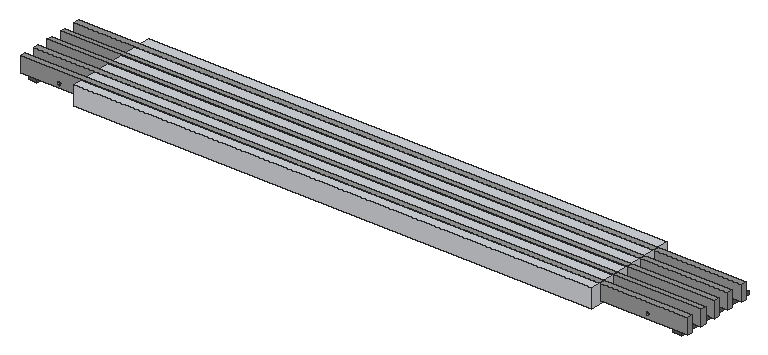
Revit family "1213-5, Solid", category Generic Models, host Face, Revit 2020
Family settings
  Host = Face
  Can host rebar = No
  Round Connector Dimension = Use Diameter
  Part Type = Normal
  Cut with Voids When Loaded = No
  Shared = No
  Room Calculation Point = No
Parameters
  min_value [instance] = 1' - 11 1/4"  # constant formula
  max_value [instance] = 11' - 11 1/4"  # constant formula
  actual_value [instance] = if(NET LENGTH < min_value, min_value, if(NET LENGTH > max_value, max_value, NET LENGTH))  # 7' - 11 1/4"
  NET LENGTH [instance] = 7' - 11 1/4"
  IMPORTANT NOTE!!!                                                                             *Backer & dowel layout is for visualization purposes only, final layout to be determined by 9Wood. [instance] = ""
  Default Elevation = 4' - 0"
  DOWEL RADIUS [instance] = 0' - 0 1/4"  # constant formula
  BACKING M MATERIAL [instance] = BLACK-BACKERS
  .. MEMBER WIDTH [instance] = 0' - 0 3/4"  # constant formula
  .. MEMBER MATERIAL [instance] = Solid Western Hemlock
  .. MEMBER DEPTH [instance] = 0' - 2 1/4"  # constant formula
  .. MEMBER COUNT [instance] = 5  # constant formula
Reference planes (in)
  plane 1 "Center (Front/Back)": y = 0
  plane 2: z = 2.726
  plane 3 "Center (Left/Right)": x = 0
Forms (in)
  Extrusion 1, solid
    sketch origin (15, -0.86619, -0.99308) x (0, 1, 0) y (-1, 0, 0)
      loop
        line (3.42869, -23.66817) -> (3.42869, 50.25) -> (-10, 50.25) -> (-10, -23.66817) -> (3.42869, -23.66817)
    from 3.71908 to 1.00111
Dimensions and locks (in)
  aligned and locked: plane 2 to Extrusion 1
Nested families (in)
  nested 1: "1200 Series" at (-44, -2, 1.87867), NET LENGTH <- "actual_value", DOWEL RADII <- "DOWEL RADIUS", .. MEMBER WIDTH <- ".. MEMBER WIDTH", .. MEMBER DEPTH <- ".. MEMBER DEPTH", .. MEMBER MATERIAL <- ".. MEMBER MATERIAL", BACKING M MATERIAL <- "BACKING M MATERIAL", .. MEMBER COUNT <- ".. MEMBER COUNT", type "1200 Series"
    with X 7' - 4", WIDTH 1' - 0 1/16", Space 0' - 0 11/16", START 0' - 0 3/8", SCRIM MATERIAL SCRIM, SCRIM 3 8' - 1", SCRIM 2 0' - 0 7/8", SCRIM 1 0' - 0 3/32", SCRIM yes, NET LENGTH 7' - 11 1/4", N 8, INSET 3 0' - 0 3/16", INSET 0' - 1", INDEX 0' - 5 5/8", END BACKER yes, DOWEL RADII 0' - 0 1/4", DOWEL COUNT 8, BACKING M WIDTH 0' - 1 1/4", BACKING M MATERIAL BLACK-BACKERS, BACKING M LENGTH 0' - 11 7/8", BACKING M DEPTH 0' - 0 1/2", .. MEMBER WIDTH 0' - 0 3/4", .. MEMBER OC TYP 0' - 2.4", .. MEMBER MATERIAL Solid Western Hemlock, .. MEMBER DEPTH 0' - 2 1/4", .. MEMBER COUNT 5
Definition of nested family "1200 Series"
  Parameters (values of type "1200 Series")
    X [instance] = NET LENGTH - (0' 3 5/8" * 2)  # 6' - 2"
    WIDTH [instance] = 1' - 0 1/16"
    Space [instance] = 0' - 0 11/16"  # constant formula
    START [instance] = .. MEMBER WIDTH / 2  # 0' - 0 3/8"
    SCRIM MATERIAL [instance] = none
    SCRIM 3 [instance] = NET LENGTH + (SCRIM 2 * 2)  # 6' - 11"
    SCRIM 2 [instance] = 0' - 0 7/8"
    SCRIM 1 [instance] = 0' - 0 3/32"
    SCRIM [instance] = yes
    NET LENGTH [instance] = 6' - 9 1/4"
    N [instance] = if((X - (rounddown(X / 1' 0") * 1' 0")) > 1' 0", rounddown(X / 1' 0") + 2, rounddown(X / 1' 0") + 1)  # 7
    INSET 3 [instance] = 0' - 0 3/16"
    INSET [instance] = 0' - 1"
    INDEX [instance] = (NET LENGTH - ((N - 1) * 1' 0")) / 2  # 0' - 4 5/8"
    END BACKER [instance] = yes
    Default Elevation = 0' - 0"
    DOWEL RADII [instance] = 0' - 0 1/4"
    DOWEL COUNT [instance] = N  # 7
    BACKING M WIDTH [instance] = 0' - 1 1/4"
    BACKING M MATERIAL [instance] = none
    BACKING M LENGTH [instance] = 0' - 11 7/8"
    BACKING M DEPTH [instance] = 0' - 0 1/2"
    .. MEMBER WIDTH [instance] = 0' - 0 3/4"
    .. MEMBER OC TYP [instance] = 1' 0" / .. MEMBER COUNT  # 0' - 3"
    .. MEMBER MATERIAL [instance] = none
    .. MEMBER DEPTH [instance] = 0' - 1 3/8"
    .. MEMBER COUNT [instance] = 4
  Reference planes (in)
    plane 1 "Center (Front/Back)": y = -7.5
    plane 2: z = 0
    plane 3 "Center (Left/Right)": x = 0
    plane 4: x = 1
    plane 5: x = 4.625
    plane 6: x = 81.25
    plane 7: x = 80.25
    plane 8: x = 16.625
    plane 9: y = -7.3125
    plane 10: y = -4.125
    plane 11: y = -7.125
    plane 12: y = 4.5625
    plane 13: y = -4.5
    plane 14: y = -7.59375
    plane 15: x = 82.125
    plane 16: y = 4.65625
    plane 17: x = -0.875
    plane 18: z = -1.375
    plane 19: z = -0.6875
  Lines and regions (in)
    model lines
      curve 1: line (4.375, -7.5, -0.6875) -> (4.875, -7.5, -0.6875)
    model lines, not visible
      curve 2: line (4.625, -7.5, -0.9375) -> (4.625, -7.5, -0.4375)
      curve 3: line (4.375, -7.5, -0.6875) -> (4.875, -7.5, -0.6875)
      curve 4: line (16.625, -7.5, -0.9375) -> (16.625, -7.5, -0.4375)
      curve 5: line (16.375, -7.5, -0.6875) -> (16.875, -7.5, -0.6875)
      curve 6: line (28.625, -7.5, -0.9375) -> (28.625, -7.5, -0.4375)
      curve 7: line (28.375, -7.5, -0.6875) -> (28.875, -7.5, -0.6875)
      curve 8: line (40.625, -7.5, -0.9375) -> (40.625, -7.5, -0.4375)
      curve 9: line (40.375, -7.5, -0.6875) -> (40.875, -7.5, -0.6875)
      curve 10: line (52.625, -7.5, -0.9375) -> (52.625, -7.5, -0.4375)
      curve 11: line (52.375, -7.5, -0.6875) -> (52.875, -7.5, -0.6875)
      curve 12: line (64.625, -7.5, -0.9375) -> (64.625, -7.5, -0.4375)
      curve 13: line (64.375, -7.5, -0.6875) -> (64.875, -7.5, -0.6875)
      curve 14: line (76.625, -7.5, -0.9375) -> (76.625, -7.5, -0.4375)
      curve 15: line (76.375, -7.5, -0.6875) -> (76.875, -7.5, -0.6875)
  Dimensions and locks (in)
    "NET LENGTH": plane 3 "Center (Left/Right)" to plane 6
    "INSET": plane 7 to plane 6
    "INDEX": plane 3 "Center (Left/Right)" to plane 5
    plane 5 to plane 8 = 1' - 0"
    "INSET 3": plane 1 "Center (Front/Back)" to plane 9
    equal spacing: group 1, group 2, group 3, group 4  (x3)
    "START": plane 11 to plane 1 "Center (Front/Back)"
    ".. MEMBER OC TYP": plane 10 to plane 11
    "WIDTH": plane 12 to plane 1 "Center (Front/Back)"
    "START": plane 10 to plane 13
    "SCRIM 1": plane 14 to plane 1 "Center (Front/Back)"
    "SCRIM 2": plane 6 to plane 15
    "SCRIM 1": plane 12 to plane 16
    "SCRIM 2": plane 17 to plane 3 "Center (Left/Right)"
    "INSET": plane 3 "Center (Left/Right)" to plane 4
    equal spacing: group 5, group 6, group 7, group 8, group 9, group 10, group 11  (x3)
    "Space": plane 19 to plane 18
    aligned and locked: level to plane 2
    aligned and locked: nested 1 to plane 4  (x2)
    aligned and locked: plane 7 to nested 2
    aligned and locked: plane 5 to nested 3
    aligned and locked: nested 1 to plane 9
    aligned and locked: plane 1 "Center (Front/Back)" to nested 4
    aligned and locked: plane 9 to nested 2
    aligned and locked: plane 13 to nested 5
    aligned and locked: nested 3 to plane 9
    aligned and locked: plane 18 to nested 1
    aligned and locked: plane 19 to nested 3
    aligned and locked: curve 1 to plane 19
    aligned and locked: plane 8 to curve 4
    aligned and locked: curve 5 to plane 19
    aligned and locked: nested 4 to plane 18
  Automatic sketch dimensions
    curve 1 to curve 1 = 0' - 0 1/2"
    curve 1 to plane 5 = 0' - 0 1/4"
    plane 5 to curve 1 = 0' - 0 1/4"
    curve 3 to curve 2 = 0' - 0 1/4"  (x2)
    curve 2 to curve 3 = 0' - 0 1/4"  (x2)
    curve 5 to curve 4 = 0' - 0 1/4"  (x2)
    curve 4 to curve 5 = 0' - 0 1/4"  (x2)
    curve 7 to curve 6 = 0' - 0 1/4"  (x2)
    curve 6 to curve 7 = 0' - 0 1/4"  (x2)
    curve 9 to curve 8 = 0' - 0 1/4"  (x2)
    curve 8 to curve 9 = 0' - 0 1/4"  (x2)
    curve 11 to curve 10 = 0' - 0 1/4"  (x2)
    curve 10 to curve 11 = 0' - 0 1/4"  (x2)
    curve 13 to curve 12 = 0' - 0 1/4"  (x2)
    curve 12 to curve 13 = 0' - 0 1/4"  (x2)
    curve 15 to curve 14 = 0' - 0 1/4"  (x2)
    curve 14 to curve 15 = 0' - 0 1/4"  (x2)
  Nested families (in)
    nested 1: "INSTANCE - 2ND -  EXTEND SIDE H CENTER W - Parametric Cube" at (1, -1.375, -1.375) x (0, -1, 0) z (0, 0, 1), Width <- "BACKING M LENGTH", Length <- "BACKING M WIDTH", Material <- "BACKING M MATERIAL", Height <- "BACKING M DEPTH", visible <- "END BACKER", type "INSTANCE - 2ND -  EXTEND SIDE H CENTER W - Parametric Cube"
      with Width 0' - 11 7/8", Material none, Length 0' - 1 1/4", Height 0' - 0 1/2"
    nested 2: "INSTANCE - 2ND -  EXTEND SIDE H CENTER W - Parametric Cube" at (80.25, -1.375, -1.375) x (0, -1, 0) z (0, 0, 1), Width <- "BACKING M LENGTH", Length <- "BACKING M WIDTH", Material <- "BACKING M MATERIAL", Height <- "BACKING M DEPTH", visible <- "END BACKER", type "INSTANCE - 2ND -  EXTEND SIDE H CENTER W - Parametric Cube"
      with Width 0' - 11 7/8", Material none, Length 0' - 1 1/4", Height 0' - 0 1/2"
    nested 3: "Family3" at (-5.375, -7.3125, -0.6875), DOWEL RADII <- "DOWEL RADII", BACKING MEM MATERIAL <- "BACKING M MATERIAL", type "Family3"
      with DOWEL RADII 0' - 0 1/4", DOWEL LENGTH 0' - 11 7/8", BACKING MEM MATERIAL none
    nested 4: "HOLED MEMBER" at (0, -18.75, 6.19404), DOWEL RADII <- "DOWEL RADII", .. MEMBER LENGTH <- "NET LENGTH", DOWEL COUNT <- "DOWEL COUNT", DEPTH <- ".. MEMBER DEPTH", .. MEMBER WIDTH <- ".. MEMBER WIDTH", Material <- ".. MEMBER MATERIAL", DOWEL INDEX <- "INDEX", Space 2 <- "Space", type "HOLED MEMBER"
      with Width 0' - 6", Space 2 0' - 0 11/16", Material none, Length 1' - 0", Height 0' - 10.43096", DOWEL RADII 0' - 0 1/4", DOWEL OC DIST 1' - 0", DOWEL INDEX 0' - 4 5/8", DOWEL COUNT 7, DEPTH 0' - 1 3/8", .. MEMBER WIDTH 0' - 0 3/4", .. MEMBER LENGTH 6' - 9 1/4"
    nested 5: "HOLED MEMBER" at (0, -15.75, 6.19404), DOWEL RADII <- "DOWEL RADII", .. MEMBER LENGTH <- "NET LENGTH", DOWEL COUNT <- "DOWEL COUNT", DEPTH <- ".. MEMBER DEPTH", .. MEMBER WIDTH <- ".. MEMBER WIDTH", Material <- ".. MEMBER MATERIAL", DOWEL INDEX <- "INDEX", Space 2 <- "Space", type "HOLED MEMBER"
      with Width 0' - 6", Space 2 0' - 0 11/16", Material none, Length 1' - 0", Height 0' - 10.43096", DOWEL RADII 0' - 0 1/4", DOWEL OC DIST 1' - 0", DOWEL INDEX 0' - 4 5/8", DOWEL COUNT 7, DEPTH 0' - 1 3/8", .. MEMBER WIDTH 0' - 0 3/4", .. MEMBER LENGTH 6' - 9 1/4"
    nested 6: "HOLED MEMBER" at (0, -12.75, 6.19404), DOWEL RADII <- "DOWEL RADII", .. MEMBER LENGTH <- "NET LENGTH", DOWEL COUNT <- "DOWEL COUNT", DEPTH <- ".. MEMBER DEPTH", .. MEMBER WIDTH <- ".. MEMBER WIDTH", Material <- ".. MEMBER MATERIAL", DOWEL INDEX <- "INDEX", Space 2 <- "Space", type "HOLED MEMBER"
      with Width 0' - 6", Space 2 0' - 0 11/16", Material none, Length 1' - 0", Height 0' - 10.43096", DOWEL RADII 0' - 0 1/4", DOWEL OC DIST 1' - 0", DOWEL INDEX 0' - 4 5/8", DOWEL COUNT 7, DEPTH 0' - 1 3/8", .. MEMBER WIDTH 0' - 0 3/4", .. MEMBER LENGTH 6' - 9 1/4"
    nested 7: "HOLED MEMBER" at (0, -9.75, 6.19404), DOWEL RADII <- "DOWEL RADII", .. MEMBER LENGTH <- "NET LENGTH", DOWEL COUNT <- "DOWEL COUNT", DEPTH <- ".. MEMBER DEPTH", .. MEMBER WIDTH <- ".. MEMBER WIDTH", Material <- ".. MEMBER MATERIAL", DOWEL INDEX <- "INDEX", Space 2 <- "Space", type "HOLED MEMBER"
      with Width 0' - 6", Space 2 0' - 0 11/16", Material none, Length 1' - 0", Height 0' - 10.43096", DOWEL RADII 0' - 0 1/4", DOWEL OC DIST 1' - 0", DOWEL INDEX 0' - 4 5/8", DOWEL COUNT 7, DEPTH 0' - 1 3/8", .. MEMBER WIDTH 0' - 0 3/4", .. MEMBER LENGTH 6' - 9 1/4"
    nested 8: "Family3" at (6.625, -7.3125, -0.6875), DOWEL RADII <- "DOWEL RADII", BACKING MEM MATERIAL <- "BACKING M MATERIAL", type "Family3"
      with DOWEL RADII 0' - 0 1/4", DOWEL LENGTH 0' - 11 7/8", BACKING MEM MATERIAL none
    nested 9: "Family3" at (18.625, -7.3125, -0.6875), DOWEL RADII <- "DOWEL RADII", BACKING MEM MATERIAL <- "BACKING M MATERIAL", type "Family3"
      with DOWEL RADII 0' - 0 1/4", DOWEL LENGTH 0' - 11 7/8", BACKING MEM MATERIAL none
    nested 10: "Family3" at (30.625, -7.3125, -0.6875), DOWEL RADII <- "DOWEL RADII", BACKING MEM MATERIAL <- "BACKING M MATERIAL", type "Family3"
      with DOWEL RADII 0' - 0 1/4", DOWEL LENGTH 0' - 11 7/8", BACKING MEM MATERIAL none
    nested 11: "Family3" at (42.625, -7.3125, -0.6875), DOWEL RADII <- "DOWEL RADII", BACKING MEM MATERIAL <- "BACKING M MATERIAL", type "Family3"
      with DOWEL RADII 0' - 0 1/4", DOWEL LENGTH 0' - 11 7/8", BACKING MEM MATERIAL none
    nested 12: "Family3" at (54.625, -7.3125, -0.6875), DOWEL RADII <- "DOWEL RADII", BACKING MEM MATERIAL <- "BACKING M MATERIAL", type "Family3"
      with DOWEL RADII 0' - 0 1/4", DOWEL LENGTH 0' - 11 7/8", BACKING MEM MATERIAL none
    nested 13: "Family3" at (66.625, -7.3125, -0.6875), DOWEL RADII <- "DOWEL RADII", BACKING MEM MATERIAL <- "BACKING M MATERIAL", type "Family3"
      with DOWEL RADII 0' - 0 1/4", DOWEL LENGTH 0' - 11 7/8", BACKING MEM MATERIAL none
  Definition of nested family "INSTANCE - 2ND -  EXTEND SIDE H CENTER W - Parametric Cube"
    Parameters (values of type "INSTANCE - 2ND -  EXTEND SIDE H CENTER W - Parametric Cube")
      Width [instance] = 0' - 6"
      Material [instance] = none
      Length [instance] = 1' - 0"
      Height [instance] = 1' - 6"
      Default Elevation = 0' - 0"
    Reference planes (in)
      plane 1 "Center (Front/Back)": y = 0
      plane 2: z = 0
      plane 3 "Center (Left/Right)": x = 0
      plane 4: x = -3
      plane 5: x = 3
      plane 6: y = 12
      plane 7: z = -18
    Forms (in)
      Extrusion 1, solid, material <- "Material"
        sketch origin (0, 6, 0) x (1, 0, 0) y (0, 1, 0)
          loop
            line (-3, 6) -> (-3, -6) -> (3, -6) -> (3, 6) -> (-3, 6)
        from -18 to 0
    Dimensions and locks (in)
      equal spacing: plane 4, plane 3 "Center (Left/Right)", plane 5
      "Width": plane 4 to plane 5
      "Height": plane 7 to level
      "Length": plane 1 "Center (Front/Back)" to plane 6
      aligned and locked: plane 2 to level
      aligned and locked: plane 4 to Extrusion 1 sketch curve
      aligned and locked: Extrusion 1 sketch curve to plane 5
      aligned and locked: Extrusion 1 to plane 7
      aligned and locked: plane 6 to Extrusion 1
    Automatic sketch dimensions
      plane 1 "Center (Front/Back)" to Extrusion 1 sketch curve = 0' - 0"
      plane 6 to Extrusion 1 sketch curve = 0' - 0"
  Definition of nested family "Family3"
    Parameters (values of type "Family3")
      Default Elevation = 0' - 0"
      DOWEL RADII [instance] = 0' - 0 5/8"
      DOWEL LENGTH [instance] = 0' - 5"
      BACKING MEM MATERIAL [instance] = none
    Reference planes (in)
      plane 1 "Center (Front/Back)": y = 0
      plane 2: z = 0
      plane 3 "Center (Left/Right)": x = 0
      plane 4: y = 5
    Forms (in)
      Extrusion 1, solid, material <- "BACKING MEM MATERIAL"
        sketch origin (10, 0, 0) x (1, 0, 0) y (0, 0, 1)
          loop
            circle (0, 0) r 0.625
        from 0 to -5
      Extrusion 2, solid, not visible
        sketch origin (0, 0, 0) x (1, 0, 0) y (0, 0, 1)
          loop
            circle (0, 0) r 0.625
        from 0 to 12
      Extrusion 3, solid, not visible
        sketch origin (10, 0, 0) x (1, 0, 0) y (0, 0, 1)
          loop
            circle (0, 0) r 0.625
        from 0 to 2.5
      Extrusion 4, solid, not visible
        sketch origin (10, 0, 0) x (1, 0, 0) y (0, 0, 1)
          loop
            circle (0, 0) r 0.625
        from 0 to -12
    Lines and regions (in)
      model lines, not visible
        curve 1: line (-13, 0, 0) -> (-13, -12, 0)
        curve 2: line (13, 0, 0) -> (13, -12, 0)
        curve 3: line (9.89453, 0, 0) -> (10.08794, 0, 0)
        curve 4: line (9.89453, -2.5, 0) -> (10.08794, -2.5, 0)
        curve 6: line (10, 0, 0) -> (10, 2, 0)
      model lines
        curve 5: line (10, 0, 0) -> (10, 2, 0)
    Dimensions and locks (in)
      "DOWEL LENGTH": plane 1 "Center (Front/Back)" to plane 4
      "DOWEL RADII": radius of Extrusion 1 sketch curve
      "DOWEL RADII": radius of Extrusion 2 sketch curve
      "DOWEL RADII": radius of Extrusion 3 sketch curve
      "DOWEL RADII": radius of Extrusion 4 sketch curve
      "DOWEL RADII": radius of Extrusion 1
      aligned and locked: plane 2 to level
      aligned and locked: Extrusion 1 to plane 1 "Center (Front/Back)"  (x3)
      aligned and locked: plane 1 "Center (Front/Back)" to Extrusion 1
      aligned and locked: plane 4 to Extrusion 1
    Automatic sketch dimensions
      plane 1 "Center (Front/Back)" to curve 5 = 0' - 0"
      curve 5 to plane 1 "Center (Front/Back)" = 0' - 2"
      plane 3 "Center (Left/Right)" to curve 5 = 0' - 10"
      Extrusion 1 sketch curve to level = 0' - 0"
      plane 3 "Center (Left/Right)" to Extrusion 1 sketch curve = 0' - 10"
  Definition of nested family "HOLED MEMBER"
    Parameters (values of type "HOLED MEMBER")
      Width [instance] = 0' - 6"
      Space 2 [instance] = 0' - 0 5/8"
      Space = 0' - 0 5/8"
      Material [instance] = none
      Length [instance] = 1' - 0"
      Height [instance] = 0' - 10.43096"
      Default Elevation = 0' - 0"
      DOWEL RADII [instance] = 0' - 0.34537"
      DOWEL OC DIST [instance] = 1' - 0"
      DOWEL INSET = 0' - 0 5/8"
      DOWEL INDEX [instance] = 0' - 5 5/8"
      DOWEL COUNT [instance] = 6
      DEPTH [instance] = 0' - 2"
      .. MEMBER WIDTH [instance] = 0' - 0 5/8"
      .. MEMBER LENGTH [instance] = 5' - 11 3/4"
    Reference planes (in)
      plane 1 "Center (Front/Back)": y = 12
      plane 2: z = -7.56904
      plane 3 "Center (Left/Right)": x = 0
      plane 4: x = 5.625
      plane 5: x = 17.625
      plane 6: y = 11.375
      plane 7: x = 71.75
      plane 8: z = -6.94404
      plane 9: z = -5.56904
    Forms (in)
      Extrusion 1, solid, material <- "Material"
        sketch origin (0, 12, -13.56904) x (1, 0, 0) y (0, 0, 1)
          loop
            line (0, 6) -> (71.75, 6) -> (71.75, 8) -> (0, 8) -> (0, 6)
        from 0.625 to 0
      Extrusion 2, void
        sketch origin (0, 12, -18.31904) x (1, 0, 0) y (0, 0, 1)
          loop
            circle (5.625, 11.375) r 0.34537
        from 0 to 12
      Extrusion 3, void, not visible
        sketch origin (0, 1.25, 0) x (1, 0, 0) y (0, 1, 0)
          loop
            circle (5.625, 11.375) r 0.34537
        from 0 to 12
      Extrusion 4, void, not visible
        sketch origin (0, 1.25, 0) x (1, 0, 0) y (0, 1, 0)
          loop
            circle (5.625, 11.375) r 0.34537
        from 0 to 12
      Extrusion 5, void, not visible
        sketch origin (12, 1.25, 0) x (1, 0, 0) y (0, 1, 0)
          loop
            circle (5.625, 11.375) r 0.34537
        from 0 to 12
      Extrusion 6, void, not visible
        sketch origin (0, 12, -16.31904) x (1, 0, 0) y (0, 0, 1)
          loop
            circle (5.625, 11.375) r 0.34537
        from 0 to 12
      Extrusion 7, void, not visible
        sketch origin (12, 12, -16.31904) x (1, 0, 0) y (0, 0, 1)
          loop
            circle (5.625, 11.375) r 0.34537
        from 0 to 12
      Extrusion 8, void, not visible
        sketch origin (0, 12, -18.31904) x (1, 0, 0) y (0, 0, 1)
          loop
            circle (5.625, 11.375) r 0.34537
        from 0 to 12
      Extrusion 9, void
        sketch origin (12, 12, -18.31904) x (1, 0, 0) y (0, 0, 1)
          loop
            circle (5.625, 11.375) r 0.34537
        from 0 to 12
      Extrusion 10, void, not visible
        sketch origin (24, 12, -16.31904) x (1, 0, 0) y (0, 0, 1)
          loop
            circle (5.625, 11.375) r 0.34537
        from 0 to 12
      Extrusion 11, void, not visible
        sketch origin (36, 12, -16.31904) x (1, 0, 0) y (0, 0, 1)
          loop
            circle (5.625, 11.375) r 0.34537
        from 0 to 12
      Extrusion 12, void, not visible
        sketch origin (48, 12, -16.31904) x (1, 0, 0) y (0, 0, 1)
          loop
            circle (5.625, 11.375) r 0.34537
        from 0 to 12
      Extrusion 13, void, not visible
        sketch origin (60, 12, -16.31904) x (1, 0, 0) y (0, 0, 1)
          loop
            circle (5.625, 11.375) r 0.34537
        from 0 to 12
      Extrusion 14, void, not visible
        sketch origin (24, 1.25, 0) x (1, 0, 0) y (0, 1, 0)
          loop
            circle (5.625, 11.375) r 0.34537
        from 0 to 12
      Extrusion 15, void, not visible
        sketch origin (36, 1.25, 0) x (1, 0, 0) y (0, 1, 0)
          loop
            circle (5.625, 11.375) r 0.34537
        from 0 to 12
      Extrusion 16, void, not visible
        sketch origin (48, 1.25, 0) x (1, 0, 0) y (0, 1, 0)
          loop
            circle (5.625, 11.375) r 0.34537
        from 0 to 12
      Extrusion 17, void, not visible
        sketch origin (60, 1.25, 0) x (1, 0, 0) y (0, 1, 0)
          loop
            circle (5.625, 11.375) r 0.34537
        from 0 to 12
      Extrusion 18, void
        sketch origin (24, 12, -18.31904) x (1, 0, 0) y (0, 0, 1)
          loop
            circle (5.625, 11.375) r 0.34537
        from 0 to 12
      Extrusion 19, void
        sketch origin (36, 12, -18.31904) x (1, 0, 0) y (0, 0, 1)
          loop
            circle (5.625, 11.375) r 0.34537
        from 0 to 12
      Extrusion 20, void
        sketch origin (48, 12, -18.31904) x (1, 0, 0) y (0, 0, 1)
          loop
            circle (5.625, 11.375) r 0.34537
        from 0 to 12
      Extrusion 21, void
        sketch origin (60, 12, -18.31904) x (1, 0, 0) y (0, 0, 1)
          loop
            circle (5.625, 11.375) r 0.34537
        from 0 to 12
    Cuts and joins
      Extrusion 2, Extrusion 9, Extrusion 18, Extrusion 19, Extrusion 20, Extrusion 21 cuts Extrusion 1
    Lines and regions (in)
      model lines, not visible
        curve 1: line (5.625, 11.72037, 0) -> (5.625, 11.02963, 0)
        curve 2: line (5.625, 11.72037, 0) -> (5.625, 11.02963, 0)
        curve 3: line (17.625, 11.72037, 0) -> (17.625, 11.02963, 0)
        curve 4: line (5.625, 12, -7.56904) -> (5.625, 11.87317, -7.56904)
        curve 5: line (5.625, 11.87317, -7.56904) -> (5.06195, 11.87317, -7.56904)
        curve 6: line (5.06195, 11.87317, -7.56904) -> (5.27963, 11.375, -7.56904)
        curve 7: line (0, 12, -6.19404) -> (0, 11.61951, -6.19404)
        curve 8: line (0, 11.375, -8.19404) -> (0, 11.6747, -8.19404)
        curve 9: line (5.625, 12, -7.56904) -> (5.625, 11.69863, -7.56904)
        curve 11: line (5.625, 12, 0) -> (5.625, 12, 0.30137)
        curve 12: line (5.625, 12, 0) -> (5.625, 12, 0.30137)
        curve 13: line (17.625, 12, 0) -> (17.625, 12, 0.30137)
        curve 14: line (5.625, 12, -5.56904) -> (5.625, 11.69863, -5.56904)
        curve 15: line (17.625, 12, -5.56904) -> (17.625, 11.69863, -5.56904)
        curve 16: line (5.625, 12, -7.56904) -> (5.625, 11.69863, -7.56904)
        curve 18: line (29.625, 12, -5.56904) -> (29.625, 11.69863, -5.56904)
        curve 19: line (41.625, 12, -5.56904) -> (41.625, 11.69863, -5.56904)
        curve 20: line (53.625, 12, -5.56904) -> (53.625, 11.69863, -5.56904)
        curve 21: line (65.625, 12, -5.56904) -> (65.625, 11.69863, -5.56904)
        curve 22: line (29.625, 11.72037, 0) -> (29.625, 11.02963, 0)
        curve 23: line (29.625, 12, 0) -> (29.625, 12, 0.30137)
        curve 24: line (41.625, 11.72037, 0) -> (41.625, 11.02963, 0)
        curve 25: line (41.625, 12, 0) -> (41.625, 12, 0.30137)
        curve 26: line (53.625, 11.72037, 0) -> (53.625, 11.02963, 0)
        curve 27: line (53.625, 12, 0) -> (53.625, 12, 0.30137)
        curve 28: line (65.625, 11.72037, 0) -> (65.625, 11.02963, 0)
        curve 29: line (65.625, 12, 0) -> (65.625, 12, 0.30137)
        curve 35: line (5.27963, 12.625, 0) -> (5.97037, 12.625, 0)
        curve 36: line (5.27963, 12.625, 0) -> (5.97037, 12.625, 0)
        curve 37: line (17.27963, 12.625, 0) -> (17.97037, 12.625, 0)
        curve 38: line (5.27963, 12, -4.94404) -> (5.97037, 12, -4.94404)
        curve 39: line (17.27963, 12, -4.94404) -> (17.97037, 12, -4.94404)
        curve 40: line (5.27963, 12, -6.94404) -> (5.97037, 12, -6.94404)
        curve 42: line (29.27963, 12, -4.94404) -> (29.97037, 12, -4.94404)
        curve 43: line (41.27963, 12, -4.94404) -> (41.97037, 12, -4.94404)
        curve 44: line (53.27963, 12, -4.94404) -> (53.97037, 12, -4.94404)
        curve 45: line (65.27963, 12, -4.94404) -> (65.97037, 12, -4.94404)
        curve 46: line (29.27963, 12.625, 0) -> (29.97037, 12.625, 0)
        curve 47: line (41.27963, 12.625, 0) -> (41.97037, 12.625, 0)
        curve 48: line (53.27963, 12.625, 0) -> (53.97037, 12.625, 0)
        curve 49: line (65.27963, 12.625, 0) -> (65.97037, 12.625, 0)
        curve 54: line (0, 12, -6.94404) -> (0, 4.22059, -6.94404)
        curve 55: line (0, 12.625, 0) -> (0, 12.625, 7.77941)
        curve 56: line (0, 12.625, 0) -> (0, 12.625, 7.77941)
        curve 57: line (12, 12.625, 0) -> (12, 12.625, 7.77941)
        curve 58: line (0, 12, -4.94404) -> (0, 4.22059, -4.94404)
        curve 59: line (12, 12, -4.94404) -> (12, 4.22059, -4.94404)
        curve 60: line (0, 12, -6.94404) -> (0, 4.22059, -6.94404)
        curve 61: line (12, 12, -6.94404) -> (12, 4.22059, -6.94404)
        curve 62: line (24, 12, -4.94404) -> (24, 4.22059, -4.94404)
        curve 63: line (36, 12, -4.94404) -> (36, 4.22059, -4.94404)
        curve 64: line (48, 12, -4.94404) -> (48, 4.22059, -4.94404)
        curve 65: line (60, 12, -4.94404) -> (60, 4.22059, -4.94404)
        curve 66: line (24, 12.625, 0) -> (24, 12.625, 7.77941)
        curve 67: line (36, 12.625, 0) -> (36, 12.625, 7.77941)
        curve 68: line (48, 12.625, 0) -> (48, 12.625, 7.77941)
        curve 69: line (60, 12.625, 0) -> (60, 12.625, 7.77941)
        curve 70: line (24, 12, -6.94404) -> (24, 4.22059, -6.94404)
        curve 71: line (36, 12, -6.94404) -> (36, 4.22059, -6.94404)
        curve 72: line (48, 12, -6.94404) -> (48, 4.22059, -6.94404)
        curve 73: line (60, 12, -6.94404) -> (60, 4.22059, -6.94404)
      model lines
        curve 10: line (5.625, 12, -7.56904) -> (5.625, 11.69863, -7.56904)
        curve 17: line (17.625, 12, -7.56904) -> (17.625, 11.69863, -7.56904)
        curve 30: line (29.625, 12, -7.56904) -> (29.625, 11.69863, -7.56904)
        curve 31: line (41.625, 12, -7.56904) -> (41.625, 11.69863, -7.56904)
        curve 32: line (53.625, 12, -7.56904) -> (53.625, 11.69863, -7.56904)
        curve 33: line (65.625, 12, -7.56904) -> (65.625, 11.69863, -7.56904)
        curve 34: line (5.27963, 12, -6.94404) -> (5.97037, 12, -6.94404)
        curve 41: line (17.27963, 12, -6.94404) -> (17.97037, 12, -6.94404)
        curve 50: line (29.27963, 12, -6.94404) -> (29.97037, 12, -6.94404)
        curve 51: line (41.27963, 12, -6.94404) -> (41.97037, 12, -6.94404)
        curve 52: line (53.27963, 12, -6.94404) -> (53.97037, 12, -6.94404)
        curve 53: line (65.27963, 12, -6.94404) -> (65.97037, 12, -6.94404)
    Dimensions and locks (in)
      "DOWEL INDEX": plane 3 "Center (Left/Right)" to plane 4
      "DOWEL OC DIST": plane 4 to plane 5
      ".. MEMBER LENGTH": plane 3 "Center (Left/Right)" to plane 7
      equal spacing: group 3, group 4, group 17, group 18, group 19, group 20  (x3)
      equal spacing: group 7, group 8, group 13, group 14, group 15, group 16  (x3)
      equal spacing: group 1, group 12, group 21, group 22, group 23, group 24  (x3)
      ".. MEMBER WIDTH": plane 6 to plane 1 "Center (Front/Back)"
      "DEPTH": plane 9 to level
      "Space 2": plane 8 to level
      "DOWEL RADII": radius of Extrusion 2 sketch curve
      "DOWEL RADII": radius of Extrusion 3 sketch curve
      "DOWEL RADII": radius of Extrusion 4 sketch curve
      "DOWEL RADII": radius of Extrusion 5 sketch curve
      "DOWEL RADII": radius of Extrusion 6 sketch curve
      "DOWEL RADII": radius of Extrusion 7 sketch curve
      "DOWEL RADII": radius of Extrusion 8 sketch curve
      "DOWEL RADII": radius of Extrusion 9 sketch curve
      "DOWEL RADII": radius of Extrusion 10 sketch curve
      "DOWEL RADII": radius of Extrusion 11 sketch curve
      "DOWEL RADII": radius of Extrusion 12 sketch curve
      "DOWEL RADII": radius of Extrusion 13 sketch curve
      "DOWEL RADII": radius of Extrusion 14 sketch curve
      "DOWEL RADII": radius of Extrusion 15 sketch curve
      "DOWEL RADII": radius of Extrusion 16 sketch curve
      "DOWEL RADII": radius of Extrusion 17 sketch curve
      "DOWEL RADII": radius of Extrusion 18 sketch curve
      "DOWEL RADII": radius of Extrusion 19 sketch curve
      "DOWEL RADII": radius of Extrusion 20 sketch curve
      "DOWEL RADII": radius of Extrusion 21 sketch curve
      aligned and locked: level to plane 2
      aligned and locked: Extrusion 1 to plane 3 "Center (Left/Right)"  (x2)
      aligned and locked: plane 7 to cut or joined group of Extrusion 1, Extrusion 2, Extrusion 9, Extrusion 18, Extrusion 19, Extrusion 20, Extrusion 21  (x2)
      aligned and locked: cut or joined group of Extrusion 1, Extrusion 2, Extrusion 9, Extrusion 18, Extrusion 19, Extrusion 20, Extrusion 21 to plane 1 "Center (Front/Back)"  (x2)
      aligned and locked: cut or joined group of Extrusion 1, Extrusion 2, Extrusion 9, Extrusion 18, Extrusion 19, Extrusion 20, Extrusion 21 to plane 6  (x2)
      aligned and locked: plane 4 to curve 10
      aligned and locked: plane 5 to curve 17
      aligned and locked: plane 9 to cut or joined group of Extrusion 1, Extrusion 2, Extrusion 9, Extrusion 18, Extrusion 19, Extrusion 20, Extrusion 21  (x2)
      aligned and locked: cut or joined group of Extrusion 1, Extrusion 2, Extrusion 9, Extrusion 18, Extrusion 19, Extrusion 20, Extrusion 21 to level
      aligned and locked: plane 8 to Extrusion 2
      aligned and locked: curve 34 to plane 8
      aligned and locked: curve 41 to plane 8
      aligned and locked: level to curve 10
      aligned and locked: curve 10 to level
      aligned and locked: plane 8 to cut or joined group of Extrusion 1, Extrusion 2, Extrusion 9, Extrusion 18, Extrusion 19, Extrusion 20, Extrusion 21
      aligned and locked: curve 54 to plane 8
    Automatic sketch dimensions
      curve 1 to curve 1 = 0' - 0.69074"
      curve 2 to curve 2 = 0' - 0.69074"
      curve 3 to curve 3 = 0' - 0.69074"
      Extrusion 1 sketch curve to plane 3 "Center (Left/Right)" = 0' - 0"
      Extrusion 1 sketch curve to plane 7 = 0' - 0"
      Extrusion 1 sketch curve to Extrusion 1 sketch curve = 0' - 2"
      level to Extrusion 1 sketch curve = 0' - 0"
      curve 9 to curve 9 = 0' - 0.30137"
      curve 10 to curve 10 = 0' - 0.30137"
      curve 11 to curve 11 = 0' - 0.30137"
      curve 12 to curve 12 = 0' - 0.30137"
      curve 13 to curve 13 = 0' - 0.30137"
      curve 14 to curve 14 = 0' - 0.30137"
      curve 15 to curve 15 = 0' - 0.30137"
      curve 16 to curve 16 = 0' - 0.30137"
      curve 17 to curve 17 = 0' - 0.30137"
      curve 18 to curve 18 = 0' - 0.30137"
      curve 19 to curve 19 = 0' - 0.30137"
      curve 20 to curve 20 = 0' - 0.30137"
      curve 21 to curve 21 = 0' - 0.30137"
      curve 22 to curve 22 = 0' - 0.69074"
      curve 23 to curve 23 = 0' - 0.30137"
      curve 24 to curve 24 = 0' - 0.69074"
      curve 25 to curve 25 = 0' - 0.30137"
      curve 26 to curve 26 = 0' - 0.69074"
      curve 27 to curve 27 = 0' - 0.30137"
      curve 28 to curve 28 = 0' - 0.69074"
      curve 29 to curve 29 = 0' - 0.30137"
      curve 30 to curve 30 = 0' - 0.30137"
      curve 31 to curve 31 = 0' - 0.30137"
      curve 32 to curve 32 = 0' - 0.30137"
      curve 33 to curve 33 = 0' - 0.30137"
      curve 34 to curve 34 = 0' - 0.69074"
      curve 35 to curve 35 = 0' - 0.69074"
      curve 36 to curve 36 = 0' - 0.69074"
      curve 37 to curve 37 = 0' - 0.69074"
      curve 38 to curve 38 = 0' - 0.69074"
      curve 39 to curve 39 = 0' - 0.69074"
      curve 40 to curve 40 = 0' - 0.69074"
      curve 41 to curve 41 = 0' - 0.69074"
      curve 42 to curve 42 = 0' - 0.69074"
      curve 43 to curve 43 = 0' - 0.69074"
      curve 44 to curve 44 = 0' - 0.69074"
      curve 45 to curve 45 = 0' - 0.69074"
      curve 46 to curve 46 = 0' - 0.69074"
      curve 47 to curve 47 = 0' - 0.69074"
      curve 48 to curve 48 = 0' - 0.69074"
      curve 49 to curve 49 = 0' - 0.69074"
      curve 50 to curve 50 = 0' - 0.69074"
      curve 51 to curve 51 = 0' - 0.69074"
      curve 52 to curve 52 = 0' - 0.69074"
      curve 53 to curve 53 = 0' - 0.69074"
      curve 54 to curve 54 = 0' - 7.77941"
      curve 55 to curve 55 = 0' - 7.77941"
      curve 56 to curve 56 = 0' - 7.77941"
      curve 57 to curve 57 = 0' - 7.77941"
      curve 58 to curve 58 = 0' - 7.77941"
      curve 59 to curve 59 = 0' - 7.77941"
      curve 60 to curve 60 = 0' - 7.77941"
      curve 61 to curve 61 = 0' - 7.77941"
      curve 62 to curve 62 = 0' - 7.77941"
      curve 63 to curve 63 = 0' - 7.77941"
      curve 64 to curve 64 = 0' - 7.77941"
      curve 65 to curve 65 = 0' - 7.77941"
      curve 66 to curve 66 = 0' - 7.77941"
      curve 67 to curve 67 = 0' - 7.77941"
      curve 68 to curve 68 = 0' - 7.77941"
      curve 69 to curve 69 = 0' - 7.77941"
      curve 70 to curve 70 = 0' - 7.77941"
      curve 71 to curve 71 = 0' - 7.77941"
      curve 72 to curve 72 = 0' - 7.77941"
      curve 73 to curve 73 = 0' - 7.77941"
